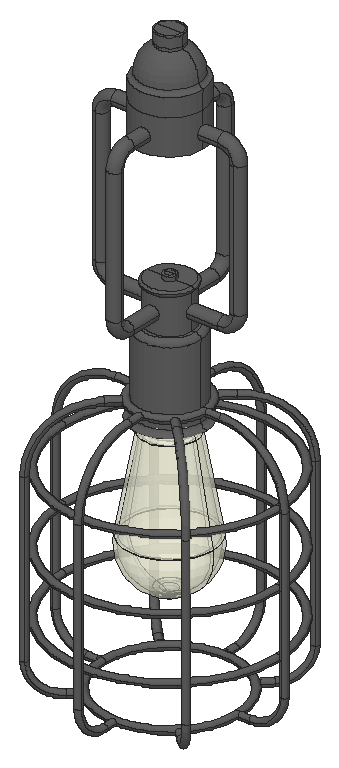
Revit family "TBL6", category Lighting Fixtures, Revit 2024
Family settings
  Round Connector Dimension = Use Diameter
  Part Type = Normal
  OmniClass Number = 23.80.70.00
  OmniClass Title = Lighting
  Work Plane-Based = No
  Always vertical = Yes
  Cut with Voids When Loaded = No
  Light Source = No
  Maintain Annotation Orientation = No
  Shared = No
  Room Calculation Point = No
Parameters
  Default Elevation = 0' - 0"
Reference planes (in)
  plane 1 "Light Source Axis (F/B)": y = 0
  plane 2: z = 0
  plane 3 "Light Source Axis (L/R)": x = 0
  plane 4 "Light Source Elevation": z = 54
Forms (in)
  Revolve 1, solid, not visible
    sketch origin (19.56269, -6.83092, -1.51972) x (1, 0, 0) y (0, 0, 1)
      loop
        line (7.29744, 71.68954) -> (7.18291, 71.68954) -> (7.14739, 71.67447) -> (7.14739, 71.57982) -> (7.18291, 71.56475) -> (7.29744, 71.56475) -> (7.29744, 71.68954)
      axis (7.29744, 71.56475) -> (7.29744, 71.68954)
    angle from 0 to 360
  Revolve 2, solid, material "BULB"
    sketch origin (0, 0, 1.14063) x (1, 0, 0) y (0, 0, 1)
      loop
        arc (0.75311, 59.44287) -> (0.71893, 59.52463) -> (0.6538, 59.58471) r 0.20776
        arc (0.6538, 59.58471) -> (0.53574, 59.72888) -> (0.54001, 59.91517) r 0.26839
        line (0.54001, 59.91517) -> (0.45286, 59.94973)
        arc (0.45286, 59.94973) -> (0.4471, 59.69836) -> (0.60639, 59.50383) r 0.36214
        arc (0.60639, 59.50383) -> (0.64214, 59.47086) -> (0.66089, 59.42599) r 0.11401
        line (0.66089, 59.42599) -> (1.13735, 56.82319)
        arc (1.13735, 56.82319) -> (0.99699, 56.0294) -> (0.37205, 55.52023) r 1.15625
        arc (0.37205, 55.52023) -> (0.29748, 55.49766) -> (0.22157, 55.48017) r 1.15625
        arc (0.22157, 55.48017) -> (0.12794, 55.43299) -> (0.0726, 55.34395) r 0.19375
        arc (0.0726, 55.34395) -> (0.0454, 55.30456) -> (0, 55.2894) r 0.07559
        line (0, 55.2894) -> (0, 55.19565)
        arc (0, 55.19565) -> (0.10172, 55.2296) -> (0.16265, 55.31785) r 0.16934
        arc (0.16265, 55.31785) -> (0.19121, 55.3638) -> (0.23953, 55.38815) r 0.1
        arc (0.23953, 55.38815) -> (0.3216, 55.40707) -> (0.40222, 55.43147) r 1.25
        arc (0.40222, 55.43147) -> (1.07783, 55.98192) -> (1.22957, 56.84007) r 1.25
        line (1.22957, 56.84007) -> (0.75311, 59.44287)
      axis (0, 59.94973) -> (0, 55.19565)
    angle from 0 to 360
  Revolve 3, solid, material "41"
    sketch origin (0, 0, 0) x (1, 0, 0) y (0, 0, 1)
      loop
        arc (0.81315, 69.625) -> (0.69521, 70.04659) -> (0.37565, 70.34579) r 0.8125
        line (0.37565, 70.34579) -> (0.37565, 70.42079) -> (0.37565, 70.69579)
        arc (0.37565, 70.69579) -> (0.36832, 70.71346) -> (0.35065, 70.72079) r 0.025
        line (0.35065, 70.72079) -> (0, 70.72079) -> (0, 68) -> (0.93815, 68) -> (0.93815, 69) -> (0.93815, 69.5)
        arc (0.93815, 69.5) -> (0.84976, 69.53661) -> (0.81315, 69.625) r 0.125
      loop
        circle (0.97801, 61.40625) r 0.09375
      loop
        circle (3.03125, 59.65625) r 0.09375
      loop
        circle (3.03125, 57.65625) r 0.09375
      loop
        circle (3.03125, 55.90625) r 0.09375
      loop
        circle (1.90625, 54.09375) r 0.09375
      loop
        line (0.62694, 64.4375) -> (0, 64.4375) -> (0, 64.34375) -> (0.53319, 64.34375) -> (0.53319, 63.21875) -> (0.72565, 63.21875)
        arc (0.72565, 63.21875) -> (0.76542, 63.20227) -> (0.7819, 63.1625) r 0.05625
        line (0.7819, 63.1625) -> (0.7819, 61.09196)
        arc (0.7819, 61.09196) -> (0.79576, 61.01016) -> (0.83581, 60.9375) r 0.24821
        line (0.83581, 60.9375) -> (1.0301, 60.9375)
        arc (1.0301, 60.9375) -> (0.92089, 60.98274) -> (0.87565, 61.09196) r 0.15446
        line (0.87565, 61.09196) -> (0.87565, 63.1625)
        arc (0.87565, 63.1625) -> (0.83171, 63.26857) -> (0.72565, 63.3125) r 0.15
        line (0.72565, 63.3125) -> (0.62694, 63.3125) -> (0.62694, 64.3125)
        arc (0.62694, 64.3125) -> (0.67113, 64.33081) -> (0.68944, 64.375) r 0.0625
        line (0.68944, 64.375) -> (0.62694, 64.4375)
      axis (0, 54.09375) -> (0, 70.72079)
    angle from 0 to 360
  Sweep 4, solid, material "41"
    path origin (0, 0, 0) x (1, 0, 0) y (0, 0, 1)
      loop
        line (2, 54.09375) -> (2.3125, 54.09375)
        arc (2.3125, 54.09375) -> (2.95332, 54.35918) -> (3.21875, 55) r 0.90625
        line (3.21875, 55) -> (3.21875, 59.65625)
        arc (3.21875, 59.65625) -> (2.70619, 60.89369) -> (1.46875, 61.40625) r 1.75
        line (1.46875, 61.40625) -> (1.06744, 61.40625)
    profile origin (1.2681, 0, 61.40625) x (0, 0, -1) y (0, -1, 0)
      loop
        circle (0, 0) r 0.0938
  Sweep 5, solid, material "41"
    path origin (0, 0, 0) x (1, 0, 0) y (0, 0, 1)
      loop
        line (0.93815, 68.4375) -> (1.50065, 68.4375)
        arc (1.50065, 68.4375) -> (1.81001, 68.30936) -> (1.93815, 68) r 0.4375
        line (1.93815, 68) -> (1.93815, 64.25)
        arc (1.93815, 64.25) -> (1.81001, 63.94064) -> (1.50065, 63.8125) r 0.4375
        line (1.50065, 63.8125) -> (0.62694, 63.8125)
    profile origin (1.2194, 0, 68.4375) x (0, 0, 1) y (0, -1, 0)
      loop
        circle (0, 0) r 0.1875
  Sweep 6, solid, material "41"
    path origin (-0.00013, 0.00013, 0) x (0.707107, -0.707107, 0) y (0, 0, 1)
      loop
        line (2, 54.09375) -> (2.3125, 54.09375)
        arc (2.3125, 54.09375) -> (2.95332, 54.35918) -> (3.21875, 55) r 0.90625
        line (3.21875, 55) -> (3.21875, 59.65625)
        arc (3.21875, 59.65625) -> (2.70619, 60.89369) -> (1.46875, 61.40625) r 1.75
        line (1.46875, 61.40625) -> (1.06744, 61.40625)
    profile origin (0.89655, -0.89655, 61.40625) x (0, 0, -1) y (-0.707107, -0.707107, 0)
      loop
        circle (0, -0.00046) r 0.0938
  Sweep 7, solid, material "41"
    path origin (-0.00013, -0.00013, 0) x (0.707107, 0.707107, 0) y (0, 0, 1)
      loop
        line (2, 54.09375) -> (2.3125, 54.09375)
        arc (2.3125, 54.09375) -> (2.95332, 54.35918) -> (3.21875, 55) r 0.90625
        line (3.21875, 55) -> (3.21875, 59.65625)
        arc (3.21875, 59.65625) -> (2.70619, 60.89369) -> (1.46875, 61.40625) r 1.75
        line (1.46875, 61.40625) -> (1.06744, 61.40625)
    profile origin (0.89655, 0.89655, 61.40625) x (0, 0, -1) y (0.707107, -0.707107, 0)
      loop
        circle (0, 0.00046) r 0.0938
  Sweep 8, solid, material "41"
    path origin (0, -0.00065, 0) x (0, 1, 0) y (0, 0, 1)
      loop
        line (2, 54.09375) -> (2.3125, 54.09375)
        arc (2.3125, 54.09375) -> (2.95332, 54.35918) -> (3.21875, 55) r 0.90625
        line (3.21875, 55) -> (3.21875, 59.65625)
        arc (3.21875, 59.65625) -> (2.70619, 60.89369) -> (1.46875, 61.40625) r 1.75
        line (1.46875, 61.40625) -> (1.06744, 61.40625)
    profile origin (0, 1.26745, 61.40625) x (0, 0, -1) y (1, 0, 0)
      loop
        circle (0, 0.00065) r 0.0938
  Sweep 9, solid, material "41"
    path origin (0.00078, -0.00078, 0) x (-0.707107, 0.707107, 0) y (0, 0, 1)
      loop
        line (2, 54.09375) -> (2.3125, 54.09375)
        arc (2.3125, 54.09375) -> (2.95332, 54.35918) -> (3.21875, 55) r 0.90625
        line (3.21875, 55) -> (3.21875, 59.65625)
        arc (3.21875, 59.65625) -> (2.70619, 60.89369) -> (1.46875, 61.40625) r 1.75
        line (1.46875, 61.40625) -> (1.06744, 61.40625)
    profile origin (-0.8959, 0.8959, 61.40625) x (0, 0, -1) y (0.707107, 0.707107, 0)
      loop
        circle (0, 0.00046) r 0.0938
  Sweep 10, solid, material "41"
    path origin (0.00129, 0, 0) x (-1, 0, 0) y (0, 0, 1)
      loop
        line (2, 54.09375) -> (2.3125, 54.09375)
        arc (2.3125, 54.09375) -> (2.95332, 54.35918) -> (3.21875, 55) r 0.90625
        line (3.21875, 55) -> (3.21875, 59.65625)
        arc (3.21875, 59.65625) -> (2.70619, 60.89369) -> (1.46875, 61.40625) r 1.75
        line (1.46875, 61.40625) -> (1.06744, 61.40625)
    profile origin (-1.2668, 0, 61.40625) x (0, 0, -1) y (0, 1, 0)
      loop
        circle (0, 0) r 0.0938
  Sweep 11, solid, material "41"
    path origin (0.00078, 0.00078, 0) x (-0.707107, -0.707107, 0) y (0, 0, 1)
      loop
        line (2, 54.09375) -> (2.3125, 54.09375)
        arc (2.3125, 54.09375) -> (2.95332, 54.35918) -> (3.21875, 55) r 0.90625
        line (3.21875, 55) -> (3.21875, 59.65625)
        arc (3.21875, 59.65625) -> (2.70619, 60.89369) -> (1.46875, 61.40625) r 1.75
        line (1.46875, 61.40625) -> (1.06744, 61.40625)
    profile origin (-0.8959, -0.8959, 61.40625) x (0, 0, -1) y (-0.707107, 0.707107, 0)
      loop
        circle (0, -0.00046) r 0.0938
  Sweep 12, solid, material "41"
    path origin (0, 0.00065, 0) x (0, -1, 0) y (0, 0, 1)
      loop
        line (2, 54.09375) -> (2.3125, 54.09375)
        arc (2.3125, 54.09375) -> (2.95332, 54.35918) -> (3.21875, 55) r 0.90625
        line (3.21875, 55) -> (3.21875, 59.65625)
        arc (3.21875, 59.65625) -> (2.70619, 60.89369) -> (1.46875, 61.40625) r 1.75
        line (1.46875, 61.40625) -> (1.06744, 61.40625)
    profile origin (0, -1.26745, 61.40625) x (0, 0, -1) y (-1, 0, 0)
      loop
        circle (0, -0.00065) r 0.0938
  Sweep 13, solid, material "41"
    path origin (0, 0.00065, 0) x (0, -1, 0) y (0, 0, 1)
      loop
        line (0.93815, 68.4375) -> (1.50065, 68.4375)
        arc (1.50065, 68.4375) -> (1.81001, 68.30936) -> (1.93815, 68) r 0.4375
        line (1.93815, 68) -> (1.93815, 64.25)
        arc (1.93815, 64.25) -> (1.81001, 63.94064) -> (1.50065, 63.8125) r 0.4375
        line (1.50065, 63.8125) -> (0.62694, 63.8125)
    profile origin (0, -1.21875, 68.4375) x (0, 0, 1) y (-1, 0, 0)
      loop
        circle (0, -0.00065) r 0.1875
  Sweep 14, solid, material "41"
    path origin (0, -0.00065, 0) x (0, 1, 0) y (0, 0, 1)
      loop
        line (0.93815, 68.4375) -> (1.50065, 68.4375)
        arc (1.50065, 68.4375) -> (1.81001, 68.30936) -> (1.93815, 68) r 0.4375
        line (1.93815, 68) -> (1.93815, 64.25)
        arc (1.93815, 64.25) -> (1.81001, 63.94064) -> (1.50065, 63.8125) r 0.4375
        line (1.50065, 63.8125) -> (0.62694, 63.8125)
    profile origin (0, 1.21875, 68.4375) x (0, 0, 1) y (1, 0, 0)
      loop
        circle (0, 0.00065) r 0.1875
  Sweep 15, solid, material "41"
    path origin (0.00129, 0, 0) x (-1, 0, 0) y (0, 0, 1)
      loop
        line (0.93815, 68.4375) -> (1.50065, 68.4375)
        arc (1.50065, 68.4375) -> (1.81001, 68.30936) -> (1.93815, 68) r 0.4375
        line (1.93815, 68) -> (1.93815, 64.25)
        arc (1.93815, 64.25) -> (1.81001, 63.94064) -> (1.50065, 63.8125) r 0.4375
        line (1.50065, 63.8125) -> (0.62694, 63.8125)
    profile origin (-1.2181, 0, 68.4375) x (0, 0, 1) y (0, 1, 0)
      loop
        circle (0, 0) r 0.1875
  Revolve 16, solid, material "41"
    sketch origin (0, 0, 0) x (1, 0, 0) y (0, 0, 1)
      loop
        line (0.19884, 68) -> (0, 68) -> (0, 67.79396) -> (0.18804, 67.79396) -> (0.19884, 68)
      loop
        line (0.16973, 64.4375) -> (0.16973, 64.53871)
        arc (0.16973, 64.53871) -> (0.16095, 64.55989) -> (0.13977, 64.56867) r 0.02996
        line (0.13977, 64.56867) -> (0, 64.56867) -> (0, 64.4375) -> (0.16973, 64.4375)
      axis (0, 68) -> (0, 64.4375)
    angle from 0 to 360
Dimensions and locks (in)
  aligned and locked: level to plane 2
